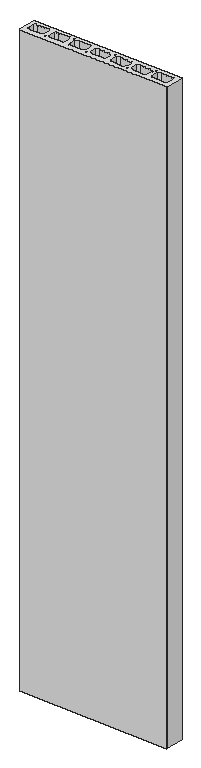
Revit family "ECP_MNLK-6250S6", category Generic Models, Revit 2022
Family settings
  Can host rebar = No
  Round Connector Dimension = Use Diameter
  Part Type = Normal
  Work Plane-Based = No
  Always vertical = Yes
  Cut with Voids When Loaded = Yes
  Maintain Annotation Orientation = No
  Shared = No
  Room Calculation Point = No
Parameters (values of type "ECP_MNLK-6250S6")
  長さ [instance] = 2000 mm
  穴表示 = yes
  材質 = 40Msr_ECP
  Default Elevation = 0 mm
  既存長さ = 510 mm
  幅 [instance] = 500 mm
  固定寸法 = 500 mm
  厚さ = 62 mm
  メースカット非表示 = yes
  メースカット [instance] = 既存長さ - 幅 - 10 mm  # 0 mm
  オースカット非表示 = no
  オースカット = 0 mm
Reference planes
  plane 1 "中心(正面/背面)": y = 0
  plane 2: z = 0
  plane 3 "中心(左/右)": x = 0
  plane 4: y = -31
  plane 5: y = 31
  plane 6: z = 2000
  plane 7: x = 500
Forms (mm)
  Extrusion 1, solid, material "40Msr_ECP" <- "材質", detail levels fine
    sketch origin (0, 0, 0) x (1, 0, 0) y (0, 1, 0)
      loop
        line (0, -28) -> (3, -31) -> (497, -31) -> (500, -28) -> (500, 28) -> (497, 31) -> (3, 31) -> (0, 28) -> (0, -28)
    from 0 to 2000
  Extrusion 2, void
    sketch origin (-50, 0, 0) x (1, 0, 0) y (0, 1, 0)
      loop
        line (560, -31) -> (560, 31) -> (550, 31) -> (550, -31) -> (560, -31)
    from 0 to 2000
  Extrusion 3, void
    sketch origin (-617, 0, 0) x (1, 0, 0) y (0, 1, 0)
      loop
        line (638.75, -17) -> (678.25, -17) -> (686.25, -9) -> (686.25, 9)
        arc (686.25, 9) -> (683.907, 14.657) -> (678.25, 17) r 8
        line (678.25, 17) -> (638.75, 17)
        arc (638.75, 17) -> (633.093, 14.657) -> (630.75, 9) r 8
        line (630.75, 9) -> (630.75, -9)
        arc (630.75, -9) -> (633.093, -14.657) -> (638.75, -17) r 8
      loop
        line (708.25, -17) -> (747.75, -17)
        arc (747.75, -17) -> (753.407, -14.657) -> (755.75, -9) r 8
        line (755.75, -9) -> (755.75, 9) -> (747.75, 17) -> (708.25, 17)
        arc (708.25, 17) -> (702.593, 14.657) -> (700.25, 9) r 8
        line (700.25, 9) -> (700.25, -9) -> (708.25, -17)
      loop
        line (777.75, -17) -> (817.25, -17) -> (825.25, -9) -> (825.25, 9)
        arc (825.25, 9) -> (822.907, 14.657) -> (817.25, 17) r 8
        line (817.25, 17) -> (777.75, 17) -> (769.75, 9) -> (769.75, -9)
        arc (769.75, -9) -> (772.093, -14.657) -> (777.75, -17) r 8
      loop
        line (847.25, -17) -> (886.75, -17)
        arc (886.75, -17) -> (892.407, -14.657) -> (894.75, -9) r 8
        line (894.75, -9) -> (894.75, 9) -> (886.75, 17) -> (847.25, 17)
        arc (847.25, 17) -> (841.593, 14.657) -> (839.25, 9) r 8
        line (839.25, 9) -> (839.25, -9) -> (847.25, -17)
      loop
        line (908.75, 9) -> (908.75, -9)
        arc (908.75, -9) -> (911.093, -14.657) -> (916.75, -17) r 8
        line (916.75, -17) -> (956.25, -17) -> (964.25, -9) -> (964.25, 9)
        arc (964.25, 9) -> (961.907, 14.657) -> (956.25, 17) r 8
        line (956.25, 17) -> (916.75, 17) -> (908.75, 9)
      loop
        line (978.25, -9) -> (986.25, -17) -> (1025.75, -17)
        arc (1025.75, -17) -> (1031.407, -14.657) -> (1033.75, -9) r 8
        line (1033.75, -9) -> (1033.75, 9) -> (1025.75, 17) -> (986.25, 17)
        arc (986.25, 17) -> (980.593, 14.657) -> (978.25, 9) r 8
        line (978.25, 9) -> (978.25, -9)
      loop
        line (1047.75, 9) -> (1047.75, -9)
        arc (1047.75, -9) -> (1050.093, -14.657) -> (1055.75, -17) r 8
        line (1055.75, -17) -> (1095.25, -17)
        arc (1095.25, -17) -> (1100.907, -14.657) -> (1103.25, -9) r 8
        line (1103.25, -9) -> (1103.25, 9)
        arc (1103.25, 9) -> (1100.907, 14.657) -> (1095.25, 17) r 8
        line (1095.25, 17) -> (1055.75, 17) -> (1047.75, 9)
      loop
        circle (1040.75, 17) r 1.3
      loop
        circle (971.25, -17) r 1.3
      loop
        circle (901.75, 17) r 1.3
      loop
        circle (832.25, -17) r 1.3
      loop
        circle (762.75, 17) r 1.3
      loop
        circle (693.25, -17) r 1.3
    from 0 to 2000
Cuts and joins
  Extrusion 2, Extrusion 3 cuts Extrusion 1
Lines and regions (mm)
  symbolic lines, style "ECPパネル", detail levels coarse+medium
    curve 1: line (0, 31, 0) -> (500, 31, 0)
    curve 2: line (0, -31, 0) -> (0, 31, 0)
    curve 3: line (500, -31, 0) -> (0, -31, 0)
    curve 4: line (500, 31, 0) -> (500, -31, 0)
    curve 5: line (0, 0, 0) -> (500, 0, 0)
    curve 6: line (0, 0, 2000) -> (0, 0, 0)
    curve 7: line (500, 0, 2000) -> (0, 0, 2000)
    curve 8: line (500, 0, 0) -> (500, 0, 2000)
    curve 9: line (0, -31, 2000) -> (0, 31, 2000)
    curve 10: line (0, -31, 0) -> (0, -31, 2000)
    curve 11: line (0, 31, 0) -> (0, -31, 0)
    curve 12: line (0, 31, 2000) -> (0, 31, 0)
  model lines, detail levels coarse+medium
    curve 13: line (0, 8, 0) -> (0, -8, 0)
Dimensions and locks
  "厚さ": plane 4 to plane 5
  "長さ": plane 6 to level
  equal spacing: plane 4, plane 1 "中心(正面/背面)", plane 5
  "長さ": cut or joined group of Extrusion 1, Extrusion 2, Extrusion 3 to level
  "長さ": Extrusion 2 to level
  "幅": cut or joined group of Extrusion 1, Extrusion 2, Extrusion 3 to curve 8
  "長さ": level to Extrusion 3
  "幅": plane 3 "中心(左/右)" to plane 7
  "メースカット": Extrusion 2 sketch curve to cut or joined group of Extrusion 1, Extrusion 2, Extrusion 3
  "固定寸法": plane 3 "中心(左/右)" to cut or joined group of Extrusion 1, Extrusion 2, Extrusion 3
  "既存長さ": plane 3 "中心(左/右)" to Extrusion 2
  aligned and locked: level to plane 2
Automatic sketch dimensions
  curve 11 to level = 0 mm
  curve 11 to plane 4 = 0 mm
  curve 11 to plane 5 = 0 mm
  curve 10 to plane 6 = 0 mm
  curve 7 to plane 3 "中心(左/右)" = 0 mm
  curve 7 to plane 6 = 0 mm
  curve 8 to level = 0 mm
  Extrusion 1 sketch curve to plane 3 "中心(左/右)" = 0 mm
  plane 4 to Extrusion 1 sketch curve = 0 mm
  plane 3 "中心(左/右)" to Extrusion 1 sketch curve = 3 mm  (x2)
  Extrusion 1 sketch curve to plane 4 = 3 mm  (x2)
  plane 5 to Extrusion 1 sketch curve = 3 mm  (x2)
  plane 5 to Extrusion 1 sketch curve = 0 mm
  Extrusion 1 sketch curve to Extrusion 1 sketch curve = 494 mm
  Extrusion 1 sketch curve to Extrusion 1 sketch curve = 0 mm
  Extrusion 1 sketch curve to Extrusion 1 sketch curve = 3 mm
  plane 3 "中心(左/右)" to Extrusion 3 sketch curve = 13.75 mm
  Extrusion 3 sketch curve to Extrusion 3 sketch curve = 8 mm  (x25)
  plane 5 to Extrusion 3 sketch curve = 14 mm  (x5)
  Extrusion 3 sketch curve to Extrusion 3 sketch curve = 39.5 mm  (x7)
  Extrusion 3 sketch curve to Extrusion 3 sketch curve = 0 mm  (x5)
  Extrusion 3 sketch curve to Extrusion 3 sketch curve = 7 mm  (x9)
  Extrusion 3 sketch curve to plane 1 "中心(正面/背面)" = 9 mm  (x8)
  Extrusion 3 sketch curve to Extrusion 3 sketch curve = 14 mm  (x3)
  Extrusion 3 sketch curve to plane 4 = 14 mm  (x9)
  plane 1 "中心(正面/背面)" to Extrusion 3 sketch curve = 9 mm  (x8)
  curve 1 to plane 3 "中心(左/右)" = 0 mm
  curve 13 to plane 3 "中心(左/右)" = 0 mm
  plane 4 to curve 4 = 0 mm
  curve 4 to plane 7 = 0 mm
  plane 5 to curve 1 = 0 mm
  plane 1 "中心(正面/背面)" to curve 13 = 8 mm
  curve 13 to plane 1 "中心(正面/背面)" = 8 mm
  plane 5 to Extrusion 2 sketch curve = 0 mm
  plane 4 to Extrusion 2 sketch curve = 0 mm
  plane 7 to Extrusion 2 sketch curve = 10 mm
  radius of Extrusion 3 sketch curve = 1.3 mm  (x6)
